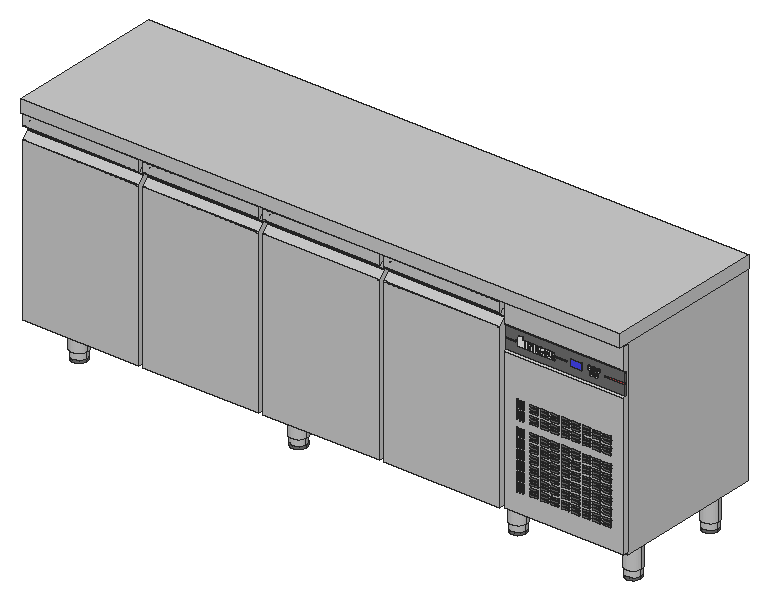
Revit family "QF_INOMAK_PMRP9999_250528093421", category Specialty Equipment, Revit 2021 (continued)
Definition of nested family "QF_INOMAK_REF_COUNTERS_DOORS_DRAWERS_16690"
  Definition of nested family "Sliding_Doors"
    Automatic sketch dimensions
      Extrusion 1 sketch curve to Extrusion 1 sketch curve = 20 mm
      Extrusion 1 sketch curve to Extrusion 1 sketch curve = 3 mm
      curve 8 to plane 7 "Front legs" = 0 mm
      curve 5 to curve 6 = 20 mm
      plane 7 "Front legs" to curve 2 = 21 mm
      curve 2 to curve 2 = 20 mm
  Definition of nested family "4_Drawers_1-4"
    Parameters (values of type "4 Drawers 1-4")
      URL = "www.specifiglobal.com"
      Top inset [instance] = 4 mm
      Right panel thickness [instance] = 35 mm
      Rear inset [instance] = 10 mm
      Plinth height [instance] = 150 mm
      Model = ""
      Manufacturer = "DEMO CONSULTANT"
      Length Actual [instance] = 1200 mm
      Left panel thickness [instance] = 35 mm
      Height Actual [instance] = 900 mm
      Front inset [instance] = 10 mm
      Finish [instance] = none
      Doors drawers type [instance] = 7
      Description = ""
      Depth Actual [instance] = 700 mm
      Default Elevation = 0 mm
      Bottom inset [instance] = 4 mm
      Assembly Code = "E1090320"
      4 Drawers [instance] = Doors drawers type = 7  # yes
    Reference planes
      plane 1 "Back": y = 0
      plane 2: z = 0
      plane 3 "Left": x = 0
      plane 4 "Right": x = 1200
      plane 5 "Front": y = -700
      plane 6 "Top": z = 1050
      plane 7 "Front legs": y = -690
      plane 8 "Legs top": z = 150
      plane 9 "Backsplash thickness": y = -10
      plane 10 "Left panel": x = 35
      plane 11 "Right panel": x = 1165
      plane 12: z = 824.25
      plane 13: z = 1046
      plane 14: z = 826.083
      plane 15: z = 822.417
      plane 16: z = 1048.5
      plane 17: z = 375.75
      plane 18: z = 377.917
      plane 19: z = 373.583
      plane 20: z = 154
      plane 21: z = 151.5
      plane 22: z = 600
      plane 23: z = 601.833
      plane 24: z = 598.167
    Forms (mm)
      Extrusion 1, solid, material <- "Finish", visible <- "4 Drawers"
        sketch origin (35, 0, -1) x (0, -1, 0) y (0, 0, 1)
          loop
            line (680, 1047) -> (670, 1047) -> (670, 827.083) -> (690, 827.083) -> (690, 990.844)
            arc (690, 990.844) -> (689.115, 996.728) -> (686.539, 1002.09) r 20
            line (686.539, 1002.09) -> (673, 1022) -> (673, 1044) -> (680, 1044)
            arc (680, 1044) -> (684.95, 1041.95) -> (687, 1037) r 7
            line (687, 1037) -> (687, 1031.988) -> (690, 1031.988) -> (690, 1037)
            arc (690, 1037) -> (687.071, 1044.071) -> (680, 1047) r 10
        from 0 to -1130
      Extrusion 2, solid, visible <- "4 Drawers", detail levels coarse
        sketch origin (0, -640.463, 826.083) x (0, 1, 0) y (-1, 0, 0)
          loop
            line (-49.537, -35) -> (-624.537, -35) -> (-624.537, -1165) -> (-49.537, -1165) -> (-49.537, -35)
        from 0 to 219.917
      Extrusion 3, solid, visible <- "4 Drawers", detail levels coarse
        sketch origin (0, -700, 154) x (-1, 0, 0) y (0, 1, 0)
          loop
            line (-35, 10) -> (-1165, 10) -> (-1165, -565) -> (-35, -565) -> (-35, 10)
        from 0 to -219.583
      Extrusion 4, solid, material <- "Finish", visible <- "4 Drawers"
        sketch origin (35, 0, -440.333) x (0, -1, 0) y (0, 0, 1)
          loop
            line (680, 813.917) -> (670, 813.917) -> (670, 594.333) -> (690, 594.333) -> (690, 757.761)
            arc (690, 757.761) -> (689.115, 763.644) -> (686.539, 769.007) r 20
            line (686.539, 769.007) -> (673, 788.917) -> (673, 810.917) -> (680, 810.917)
            arc (680, 810.917) -> (684.95, 808.866) -> (687, 803.917) r 7
            line (687, 803.917) -> (687, 798.904) -> (690, 798.904) -> (690, 803.917)
            arc (690, 803.917) -> (687.071, 810.988) -> (680, 813.917) r 10
        from 0 to -1130
      Extrusion 5, solid, material <- "Finish", visible <- "4 Drawers"
        sketch origin (35, 0, -165.333) x (0, -1, 0) y (0, 0, 1)
          loop
            line (680, 987.75) -> (670, 987.75) -> (670, 767.167) -> (690, 767.167) -> (690, 931.594)
            arc (690, 931.594) -> (689.115, 937.478) -> (686.539, 942.84) r 20
            line (686.539, 942.84) -> (673, 962.75) -> (673, 984.75) -> (680, 984.75)
            arc (680, 984.75) -> (684.95, 982.7) -> (687, 977.75) r 7
            line (687, 977.75) -> (687, 972.738) -> (690, 972.738) -> (690, 977.75)
            arc (690, 977.75) -> (687.071, 984.821) -> (680, 987.75) r 10
        from 0 to -1130
      Extrusion 6, solid, material <- "Finish", visible <- "4 Drawers"
        sketch origin (35, 0, -330.333) x (0, -1, 0) y (0, 0, 1)
          loop
            line (680, 928.5) -> (670, 928.5) -> (670, 708.25) -> (690, 708.25) -> (690, 872.344)
            arc (690, 872.344) -> (689.115, 878.228) -> (686.539, 883.59) r 20
            line (686.539, 883.59) -> (673, 903.5) -> (673, 925.5) -> (680, 925.5)
            arc (680, 925.5) -> (684.95, 923.45) -> (687, 918.5) r 7
            line (687, 918.5) -> (687, 913.488) -> (690, 913.488) -> (690, 918.5)
            arc (690, 918.5) -> (687.071, 925.571) -> (680, 928.5) r 10
        from 0 to -1130
      Extrusion 7, solid, visible <- "4 Drawers", detail levels coarse
        sketch origin (0, -500.463, 601.833) x (0, 1, 0) y (-1, 0, 0)
          loop
            line (-189.537, -35) -> (-764.537, -35) -> (-764.537, -1165) -> (-189.537, -1165) -> (-189.537, -35)
        from 0 to 220.583
      Extrusion 8, solid, visible <- "4 Drawers", detail levels coarse
        sketch origin (0, -540.463, 377.917) x (0, 1, 0) y (-1, 0, 0)
          loop
            line (-149.537, -35) -> (-724.537, -35) -> (-724.537, -1165) -> (-149.537, -1165) -> (-149.537, -35)
        from 0 to 220.25
    Lines and regions (mm)
      symbolic lines, visible <- "4 Drawers"
        curve 1: line (35, -945, 900) -> (35, -985, 900)
        curve 2: line (35, -985, 900) -> (1165, -985, 900)
        curve 3: line (1165, -985, 900) -> (1165, -945, 900)
        curve 4: line (1165, -945, 900) -> (35, -945, 900)
        curve 5: line (1135, -945, 900) -> (1135, -845, 900)
        curve 6: line (65, -945, 900) -> (65, -845, 900)
        curve 7: line (35, -1085, 900) -> (35, -1125, 900)
        curve 8: line (35, -1125, 900) -> (1165, -1125, 900)
        curve 9: line (1165, -1125, 900) -> (1165, -1085, 900)
        curve 10: line (1165, -1085, 900) -> (35, -1085, 900)
        curve 11: line (1135, -1085, 900) -> (1135, -985, 900)
        curve 12: line (65, -1085, 900) -> (65, -985, 900)
        curve 13: line (35, -1225, 900) -> (35, -1265, 900)
        curve 14: line (35, -1265, 900) -> (1165, -1265, 900)
        curve 15: line (1165, -1265, 900) -> (1165, -1225, 900)
        curve 16: line (1165, -1225, 900) -> (35, -1225, 900)
        curve 17: line (1135, -1225, 900) -> (1135, -1125, 900)
        curve 18: line (65, -1225, 900) -> (65, -1125, 900)
        curve 19: line (35, -805, 900) -> (35, -845, 900)
        curve 20: line (35, -845, 900) -> (1165, -845, 900)
        curve 21: line (1165, -845, 900) -> (1165, -805, 900)
        curve 22: line (1165, -805, 900) -> (35, -805, 900)
        curve 23: line (65, -805, 900) -> (65, -700, 900)
        curve 24: line (1135, -805, 900) -> (1135, -700, 900)
    Dimensions and locks
      "Length Actual": plane 3 "Left" to plane 4 "Right"
      "Depth Actual": plane 5 "Front" to plane 1 "Back"
      "Height Actual": plane 6 "Top" to plane 8 "Legs top"
      "Front inset": plane 7 "Front legs" to plane 5 "Front"
      "Plinth height": plane 8 "Legs top" to plane 2
      "Rear inset": plane 9 "Backsplash thickness" to plane 1 "Back"
      "Right panel thickness": plane 11 "Right panel" to plane 4 "Right"
      "Left panel thickness": plane 3 "Left" to plane 10 "Left panel"
      locked: plane 14 to plane 15 at 3.667
      equal spacing: plane 14, plane 12, plane 15
      locked: plane 23 to plane 24 at 3.667
      equal spacing: plane 23, plane 22, plane 24
      "Bottom inset": plane 20 to plane 8 "Legs top"
      equal spacing: plane 19, plane 17, plane 18
      locked: plane 19 to plane 18 at 4.333
      equal spacing: plane 21, plane 17, plane 22, plane 12, plane 16
      locked: plane 13 to plane 16 at 2.5
      "Top inset": plane 13 to plane 6 "Top"
      locked: plane 21 to plane 20 at 2.5
      aligned and locked: level to plane 2
      aligned and locked: plane 7 "Front legs" to Extrusion 1 sketch curve  (x2)
      aligned and locked: Extrusion 1 to plane 11 "Right panel"
      aligned and locked: Extrusion 1 sketch curve to plane 13
      aligned and locked: Extrusion 1 sketch curve to plane 14
      aligned and locked: plane 10 "Left panel" to curve 1
      aligned and locked: plane 10 "Left panel" to curve 7
      aligned and locked: plane 10 "Left panel" to curve 13
      aligned and locked: Extrusion 2 sketch curve to plane 10 "Left panel"
      aligned and locked: plane 11 "Right panel" to Extrusion 2 sketch curve
      aligned and locked: Extrusion 3 sketch curve to plane 10 "Left panel"
      aligned and locked: plane 11 "Right panel" to Extrusion 3 sketch curve
      aligned and locked: Extrusion 2 to plane 13
      aligned and locked: Extrusion 3 to plane 19
      aligned and locked: plane 20 to Extrusion 4 sketch curve
      aligned and locked: Extrusion 4 to plane 11 "Right panel"
      aligned and locked: Extrusion 5 sketch curve to plane 15
      aligned and locked: plane 7 "Front legs" to Extrusion 5 sketch curve
      aligned and locked: Extrusion 5 sketch curve to plane 23
      aligned and locked: Extrusion 6 sketch curve to plane 24
      aligned and locked: plane 7 "Front legs" to Extrusion 6 sketch curve
      aligned and locked: Extrusion 6 sketch curve to plane 18
      aligned and locked: Extrusion 7 to plane 15
      aligned and locked: Extrusion 8 to plane 24
      aligned and locked: Extrusion 5 to plane 11 "Right panel"
      aligned and locked: Extrusion 6 to plane 11 "Right panel"
    Automatic sketch dimensions
      Extrusion 1 sketch curve to Extrusion 1 sketch curve = 0 mm  (x2)
      plane 7 "Front legs" to Extrusion 1 sketch curve = 3 mm
      plane 7 "Front legs" to Extrusion 1 sketch curve = 3.461 mm
      plane 7 "Front legs" to Extrusion 1 sketch curve = 10 mm
      Extrusion 1 sketch curve to Extrusion 1 sketch curve = 7 mm
      plane 7 "Front legs" to Extrusion 1 sketch curve = 20 mm  (x2)
      Extrusion 1 sketch curve to Extrusion 1 sketch curve = 46.156 mm
      Extrusion 1 sketch curve to Extrusion 1 sketch curve = 15 mm
      Extrusion 1 sketch curve to Extrusion 1 sketch curve = 5.012 mm
      Extrusion 2 sketch curve to plane 7 "Front legs" = 0 mm
      Extrusion 2 sketch curve to plane 5 "Front" = 565 mm
      Extrusion 3 sketch curve to plane 7 "Front legs" = 0 mm
      Extrusion 3 sketch curve to plane 5 "Front" = 565 mm
      Extrusion 5 sketch curve to Extrusion 5 sketch curve = 0 mm  (x2)
      Extrusion 5 sketch curve to plane 7 "Front legs" = 0 mm
      plane 7 "Front legs" to Extrusion 5 sketch curve = 3 mm
      plane 7 "Front legs" to Extrusion 5 sketch curve = 3.461 mm
      plane 7 "Front legs" to Extrusion 5 sketch curve = 10 mm
      Extrusion 5 sketch curve to Extrusion 5 sketch curve = 7 mm
      plane 7 "Front legs" to Extrusion 5 sketch curve = 20 mm  (x2)
      Extrusion 5 sketch curve to Extrusion 5 sketch curve = 46.156 mm
      Extrusion 5 sketch curve to Extrusion 5 sketch curve = 15 mm
      Extrusion 5 sketch curve to Extrusion 5 sketch curve = 5.012 mm
      Extrusion 6 sketch curve to Extrusion 6 sketch curve = 0 mm  (x2)
      Extrusion 6 sketch curve to plane 7 "Front legs" = 0 mm
      plane 7 "Front legs" to Extrusion 6 sketch curve = 3 mm
      plane 7 "Front legs" to Extrusion 6 sketch curve = 3.461 mm
      plane 7 "Front legs" to Extrusion 6 sketch curve = 10 mm
      Extrusion 6 sketch curve to Extrusion 6 sketch curve = 7 mm
      plane 7 "Front legs" to Extrusion 6 sketch curve = 20 mm  (x2)
      Extrusion 6 sketch curve to Extrusion 6 sketch curve = 46.156 mm
      Extrusion 6 sketch curve to Extrusion 6 sketch curve = 15 mm
      Extrusion 6 sketch curve to Extrusion 6 sketch curve = 5.012 mm
      curve 14 to plane 11 "Right panel" = 0 mm
      curve 8 to plane 11 "Right panel" = 0 mm
      curve 2 to plane 11 "Right panel" = 0 mm
      curve 21 to plane 11 "Right panel" = 0 mm
      curve 20 to plane 10 "Left panel" = 0 mm
      curve 23 to plane 5 "Front" = 0 mm
      curve 24 to plane 5 "Front" = 0 mm
      curve 21 to plane 5 "Front" = 105 mm
      curve 20 to curve 21 = 40 mm
      curve 3 to curve 20 = 100 mm
      curve 3 to curve 3 = 40 mm
      curve 10 to curve 1 = 100 mm
      curve 9 to curve 9 = 40 mm
      curve 15 to curve 8 = 100 mm
      curve 15 to curve 15 = 40 mm
      plane 11 "Right panel" to curve 24 = 30 mm
      curve 8 to curve 17 = 30 mm
      curve 11 to curve 17 = 0 mm
      curve 23 to plane 10 "Left panel" = 30 mm
      curve 12 to curve 6 = 0 mm
      curve 18 to curve 12 = 0 mm
      Extrusion 4 sketch curve to Extrusion 4 sketch curve = 0 mm  (x2)
      plane 19 to Extrusion 4 sketch curve = 0 mm
      Extrusion 4 sketch curve to plane 7 "Front legs" = 0 mm  (x2)
      plane 7 "Front legs" to Extrusion 4 sketch curve = 3 mm
      plane 7 "Front legs" to Extrusion 4 sketch curve = 3.461 mm
      plane 7 "Front legs" to Extrusion 4 sketch curve = 10 mm
      Extrusion 4 sketch curve to Extrusion 4 sketch curve = 7 mm
      plane 7 "Front legs" to Extrusion 4 sketch curve = 20 mm  (x2)
      Extrusion 4 sketch curve to Extrusion 4 sketch curve = 46.156 mm
      Extrusion 4 sketch curve to Extrusion 4 sketch curve = 15 mm
      Extrusion 4 sketch curve to Extrusion 4 sketch curve = 5.012 mm
      Extrusion 7 sketch curve to plane 10 "Left panel" = 0 mm
      Extrusion 7 sketch curve to plane 11 "Right panel" = 0 mm
      Extrusion 7 sketch curve to plane 7 "Front legs" = 0 mm
      Extrusion 7 sketch curve to plane 5 "Front" = 565 mm
      Extrusion 8 sketch curve to plane 10 "Left panel" = 0 mm
      Extrusion 8 sketch curve to plane 11 "Right panel" = 0 mm
      Extrusion 8 sketch curve to plane 7 "Front legs" = 0 mm
      Extrusion 8 sketch curve to plane 5 "Front" = 565 mm
      curve 6 to plane 10 "Left panel" = 30 mm
      curve 5 to curve 24 = 0 mm
  Definition of nested family "Hinged_Doors"
    Parameters (values of type "Hinged doors")
      URL = "www.specifiglobal.com"
      Top inset [instance] = 4 mm
      Right panel thickness [instance] = 35 mm
      Rear inset [instance] = 10 mm
      Plinth height [instance] = 150 mm
      Model = ""
      Manufacturer = "DEMO CONSULTANT"
      Length Actual [instance] = 1200 mm
      Left panel thickness [instance] = 35 mm
      Hinged doors [instance] = Doors drawers type = 3  # yes
      Height Actual [instance] = 900 mm
      Front inset [instance] = 10 mm
      Finish [instance] = none
      Doors drawers type [instance] = 3
      Description = ""
      Depth Actual [instance] = 700 mm
      Default Elevation = 0 mm
      Bottom inset [instance] = 4 mm
      Assembly Code = "E1090320"
    Reference planes
      plane 1 "Back": y = 0
      plane 2: z = 0
      plane 3 "Left": x = 0
      plane 4 "Right": x = 1200
      plane 5 "Front": y = -700
      plane 6 "Top": z = 1050
      plane 7 "Front legs": y = -690
      plane 8 "Legs top": z = 150
      plane 9 "Backsplash thickness": y = -10
      plane 10: x = 35
      plane 11: x = 1165
      plane 12 "Center Left-Right": x = 600
      plane 13: x = 597.5
      plane 14: x = 602.5
      plane 15: z = 154
      plane 16: z = 1046
    Forms (mm)
      Extrusion 1, solid, material <- "Finish", visible <- "Hinged doors"
        sketch origin (35, -2307.849, 4000) x (0, -1, 0) y (0, 0, 1)
          loop
            line (-1627.849, -2954) -> (-1637.849, -2954) -> (-1637.849, -3846) -> (-1617.849, -3846) -> (-1617.849, -3010.156)
            arc (-1617.849, -3010.156) -> (-1618.734, -3004.272) -> (-1621.31, -2998.91) r 20
            line (-1621.31, -2998.91) -> (-1634.849, -2979) -> (-1634.849, -2957) -> (-1627.849, -2957)
            arc (-1627.849, -2957) -> (-1622.899, -2959.05) -> (-1620.849, -2964) r 7
            line (-1620.849, -2964) -> (-1620.849, -2969.012) -> (-1617.849, -2969.012) -> (-1617.849, -2964)
            arc (-1617.849, -2964) -> (-1620.778, -2956.929) -> (-1627.849, -2954) r 10
        from 0 to -562.5
      Extrusion 2, solid, visible <- "Hinged doors", detail levels coarse
        sketch origin (0, -700, 154) x (-1, 0, 0) y (0, 1, 0)
          loop
            line (-35, 10) -> (-597.5, 10)
            arc (-597.5, 10) -> (-432.748, -387.748) -> (-35, -552.5) r 562.5
            line (-35, -552.5) -> (-35, 10)
        from 0 to -892
      Extrusion 3, solid, material <- "Finish", visible <- "Hinged doors"
        sketch origin (1165, -2312.576, 4000) x (0, -1, 0) y (0, 0, 1)
          loop
            line (-1632.576, -2954) -> (-1642.576, -2954) -> (-1642.576, -3846) -> (-1622.576, -3846) -> (-1622.576, -3010.156)
            arc (-1622.576, -3010.156) -> (-1623.46, -3004.272) -> (-1626.037, -2998.91) r 20
            line (-1626.037, -2998.91) -> (-1639.576, -2979) -> (-1639.576, -2957) -> (-1632.576, -2957)
            arc (-1632.576, -2957) -> (-1627.626, -2959.05) -> (-1625.576, -2964) r 7
            line (-1625.576, -2964) -> (-1625.576, -2969.012) -> (-1622.576, -2969.012) -> (-1622.576, -2964)
            arc (-1622.576, -2964) -> (-1625.504, -2956.929) -> (-1632.576, -2954) r 10
        from 0 to 562.5
      Extrusion 4, solid, visible <- "Hinged doors", detail levels coarse
        sketch origin (0, -700, 154) x (-1, 0, 0) y (0, 1, 0)
          loop
            line (-1165, 10) -> (-1165, -552.5)
            arc (-1165, -552.5) -> (-767.252, -387.748) -> (-602.5, 10) r 562.5
            line (-602.5, 10) -> (-1165, 10)
        from 0 to -892
    Lines and regions (mm)
      symbolic lines, visible <- "Hinged doors"
        curve 1: line (35, -700, 150) -> (35, -1252.5, 150)
        curve 2: arc (35, -1252.5, 150) -> (429.196, -1091.268, 150) -> (597.411, -700, 150) r 562.5
        curve 3: arc (602.589, -700, 150) -> (770.804, -1091.268, 150) -> (1165, -1252.5, 150) r 562.5
        curve 4: line (1165, -1252.5, 150) -> (1165, -700, 150)
    Dimensions and locks
      "Length Actual": plane 3 "Left" to plane 4 "Right"
      "Depth Actual": plane 5 "Front" to plane 1 "Back"
      "Height Actual": plane 6 "Top" to plane 8 "Legs top"
      "Front inset": plane 7 "Front legs" to plane 5 "Front"
      "Plinth height": plane 8 "Legs top" to plane 2
      "Rear inset": plane 9 "Backsplash thickness" to plane 1 "Back"
      "Right panel thickness": plane 11 to plane 4 "Right"
      "Left panel thickness": plane 3 "Left" to plane 10
      equal spacing: plane 10, plane 12 "Center Left-Right", plane 11
      plane 13 to plane 12 "Center Left-Right" = 2.5 mm
      plane 12 "Center Left-Right" to plane 14 = 2.5 mm
      "Bottom inset": plane 15 to plane 8 "Legs top"
      "Top inset": plane 16 to plane 6 "Top"
      aligned and locked: level to plane 2
      aligned and locked: Extrusion 1 to plane 13
      aligned and locked: plane 10 to Extrusion 2 sketch curve
      aligned and locked: plane 13 to Extrusion 2 sketch curve
      aligned and locked: plane 7 "Front legs" to Extrusion 2 sketch curve  (x2)
      aligned and locked: plane 14 to Extrusion 3
      aligned and locked: Extrusion 2 to curve 1
      aligned and locked: curve 2 to Extrusion 2
      aligned and locked: curve 3 to Extrusion 4
      aligned and locked: curve 4 to Extrusion 4
      aligned and locked: plane 5 "Front" to curve 1
      aligned and locked: plane 5 "Front" to curve 2
      aligned and locked: plane 5 "Front" to curve 3
      aligned and locked: plane 5 "Front" to curve 4
      aligned and locked: Extrusion 4 to plane 16
      aligned and locked: Extrusion 2 to plane 16
      aligned and locked: Extrusion 1 sketch curve to plane 16
      aligned and locked: Extrusion 1 sketch curve to plane 15
      aligned and locked: Extrusion 3 sketch curve to plane 15
      aligned and locked: Extrusion 3 sketch curve to plane 16
    Automatic sketch dimensions
      Extrusion 1 sketch curve to Extrusion 1 sketch curve = 0 mm  (x2)
      Extrusion 1 sketch curve to plane 7 "Front legs" = 0 mm  (x2)
      plane 7 "Front legs" to Extrusion 1 sketch curve = 3 mm
      plane 7 "Front legs" to Extrusion 1 sketch curve = 3.461 mm
      plane 7 "Front legs" to Extrusion 1 sketch curve = 10 mm
      Extrusion 1 sketch curve to Extrusion 1 sketch curve = 7 mm
      plane 7 "Front legs" to Extrusion 1 sketch curve = 20 mm  (x2)
      Extrusion 1 sketch curve to Extrusion 1 sketch curve = 46.156 mm
      Extrusion 1 sketch curve to Extrusion 1 sketch curve = 15 mm
      Extrusion 1 sketch curve to Extrusion 1 sketch curve = 5.012 mm
      Extrusion 3 sketch curve to Extrusion 3 sketch curve = 0 mm  (x2)
      Extrusion 3 sketch curve to plane 7 "Front legs" = 0 mm  (x2)
      Extrusion 3 sketch curve to Extrusion 3 sketch curve = 3 mm
      plane 7 "Front legs" to Extrusion 3 sketch curve = 3.461 mm
      plane 7 "Front legs" to Extrusion 3 sketch curve = 10 mm
      Extrusion 3 sketch curve to Extrusion 3 sketch curve = 7 mm
      Extrusion 3 sketch curve to Extrusion 3 sketch curve = 16.539 mm
      Extrusion 3 sketch curve to Extrusion 3 sketch curve = 20 mm
      Extrusion 3 sketch curve to Extrusion 3 sketch curve = 46.156 mm
      Extrusion 3 sketch curve to Extrusion 3 sketch curve = 15 mm
      Extrusion 3 sketch curve to Extrusion 3 sketch curve = 5.012 mm
      Extrusion 4 sketch curve to plane 11 = 0 mm
      Extrusion 4 sketch curve to plane 7 "Front legs" = 0 mm
      Extrusion 4 sketch curve to plane 14 = 0 mm
  Definition of nested family "Hopper"
    Parameters (values of type "Hopper")
      URL = "www.specifiglobal.com"
      Top inset [instance] = 4 mm
      Right panel thickness [instance] = 35 mm
      Rear inset [instance] = 10 mm
      Plinth height [instance] = 150 mm
      Model = ""
      Manufacturer = "DEMO CONSULTANT"
      Length Actual [instance] = 700 mm
      Left panel thickness [instance] = 35 mm
      Hopper [instance] = Doors drawers type = 10  # yes
      Height Actual [instance] = 900 mm
      Front inset [instance] = 10 mm
      Finish [instance] = none
      Doors drawers type [instance] = 10
      Description = ""
      Depth Actual [instance] = 700 mm
      Default Elevation = 0 mm
      Bottom inset [instance] = 4 mm
      Assembly Code = "E1090320"
      2 Drawers = yes
    Reference planes
      plane 1 "Back": y = 0
      plane 2: z = 0
      plane 3 "Left": x = 0
      plane 4 "Right": x = 700
      plane 5 "Front": y = -700
      plane 6 "Top": z = 1050
      plane 7 "Front legs": y = -690
      plane 8 "Legs top": z = 150
      plane 9 "Backsplash thickness": y = -10
      plane 10 "Left panel": x = 35
      plane 11 "Right panel": x = 665
      plane 12: z = 1046
      plane 13: z = 154
    Forms (mm)
      Extrusion 1, solid, material <- "Finish", visible <- "Hopper"
        sketch origin (35, 0, 0) x (0, -1, 0) y (0, 0, 1)
          loop
            line (690, 154) -> (690, 960.365)
            arc (690, 960.365) -> (689.866, 961.037) -> (689.485, 961.607) r 1.757
            line (689.485, 961.607) -> (666.663, 984.429)
            arc (666.663, 984.429) -> (665.976, 985.458) -> (665.734, 986.672) r 3.172
            line (665.734, 986.672) -> (665.734, 1013.576)
            arc (665.734, 1013.576) -> (666.433, 1015.262) -> (668.119, 1015.961) r 2.385
            line (668.119, 1015.961) -> (680.029, 1015.961) -> (686.544, 1006.657)
            arc (686.544, 1006.657) -> (688.671, 1005.935) -> (690, 1007.747) r 1.9
            line (690, 1007.747) -> (690, 1046) -> (648, 1046) -> (648, 154) -> (690, 154)
        from 0 to -630
      Extrusion 2, solid, visible <- "Hopper", detail levels coarse
        sketch origin (35, 0, 0) x (0, -1, 0) y (0, 0, 1)
          loop
            line (690, 154) -> (1265, 154) -> (1265, 1046) -> (690, 1046) -> (690, 154)
        from 0 to -630
    Lines and regions (mm)
      symbolic lines, visible <- "Hopper"
        curve 1: line (35, -1225, 900) -> (35, -1265, 900)
        curve 2: line (35, -1265, 900) -> (665, -1265, 900)
        curve 3: line (665, -1265, 900) -> (665, -1225, 900)
        curve 4: line (665, -1225, 900) -> (35, -1225, 900)
        curve 5: line (635, -1225, 900) -> (635, -700, 900)
        curve 6: line (65, -1225, 900) -> (65, -700, 900)
    Dimensions and locks
      "Length Actual": plane 3 "Left" to plane 4 "Right"
      "Depth Actual": plane 5 "Front" to plane 1 "Back"
      "Height Actual": plane 6 "Top" to plane 8 "Legs top"
      "Front inset": plane 7 "Front legs" to plane 5 "Front"
      "Plinth height": plane 8 "Legs top" to plane 2
      "Rear inset": plane 9 "Backsplash thickness" to plane 1 "Back"
      "Right panel thickness": plane 11 "Right panel" to plane 4 "Right"
      "Left panel thickness": plane 3 "Left" to plane 10 "Left panel"
      "Top inset": plane 12 to plane 6 "Top"
      "Bottom inset": plane 13 to plane 8 "Legs top"
      aligned and locked: level to plane 2
      aligned and locked: Extrusion 1 to plane 11 "Right panel"
      aligned and locked: Extrusion 2 to plane 11 "Right panel"
      aligned and locked: plane 10 "Left panel" to Extrusion 2
      aligned and locked: Extrusion 1 sketch curve to plane 12
      aligned and locked: Extrusion 1 sketch curve to Extrusion 2
      aligned and locked: Extrusion 1 sketch curve to plane 13
    Automatic sketch dimensions
      Extrusion 1 sketch curve to Extrusion 1 sketch curve = 17.734 mm
      Extrusion 1 sketch curve to Extrusion 1 sketch curve = 0.929 mm
      Extrusion 1 sketch curve to Extrusion 1 sketch curve = 2.385 mm
      Extrusion 1 sketch curve to Extrusion 1 sketch curve = 3.172 mm
      Extrusion 1 sketch curve to Extrusion 1 sketch curve = 11.91 mm
      Extrusion 1 sketch curve to Extrusion 1 sketch curve = 6.515 mm
      Extrusion 1 sketch curve to Extrusion 1 sketch curve = 1.556 mm
      Extrusion 1 sketch curve to Extrusion 1 sketch curve = 21.58 mm
      Extrusion 1 sketch curve to Extrusion 1 sketch curve = 1.242 mm
      Extrusion 1 sketch curve to Extrusion 1 sketch curve = 1.9 mm
      Extrusion 1 sketch curve to Extrusion 1 sketch curve = 0.515 mm
      Extrusion 1 sketch curve to Extrusion 1 sketch curve = 22.822 mm
      Extrusion 1 sketch curve to Extrusion 1 sketch curve = 19.985 mm
      Extrusion 1 sketch curve to Extrusion 1 sketch curve = 6.919 mm
      Extrusion 1 sketch curve to Extrusion 1 sketch curve = 30.039 mm
      Extrusion 2 sketch curve to plane 7 "Front legs" = 0 mm
      plane 13 to Extrusion 2 sketch curve = 0 mm
      plane 12 to Extrusion 2 sketch curve = 0 mm
      Extrusion 2 sketch curve to plane 5 "Front" = 565 mm
      curve 1 to plane 10 "Left panel" = 0 mm
      curve 2 to plane 11 "Right panel" = 0 mm
      curve 6 to plane 5 "Front" = 0 mm
      curve 5 to plane 5 "Front" = 0 mm
      curve 4 to plane 5 "Front" = 525 mm
      curve 3 to curve 3 = 40 mm
      plane 11 "Right panel" to curve 5 = 30 mm
      curve 6 to plane 10 "Left panel" = 30 mm
Definition of nested family "QF_INOMAK_REF_COUNTERS_DOORS_DRAWERS_26161"
  Parameters (values of type "DR-LX-710")
    Weight [instance] = 0.00 kg
    Warranty Start Date [instance] = ""
    Warranty Duration [instance] = ""
    URL Cutsheet [instance] = ""
    URL = "www.inomak.com"
    Top inset [instance] = 10 mm
    Technical Documentation [instance] = ""
    Tag Number [instance] = ""
    Status [instance] = ""
    Specification by User [instance] = ""
    Specification by Manufacturer [instance] = ""
    Sound Level [instance] = ""
    Solid Fuel Type [instance] = ""
    Show Logo [instance] = yes
    Show Clearances [instance] = yes
    Service Life Duration [instance] = ""
    Serial Number [instance] = ""
    Seismic Rating [instance] = ""
    SMACNA No [instance] = ""
    Right panel thickness [instance] = 0 mm
    Revision Code [instance] = ""
    Revision [instance] = ""
    Rear inset [instance] = 0 mm
    Production Year [instance] = ""
    Point Load [instance] = 0
    Plinth height [instance] = 0 mm
    Other Equipment Approvals [instance] = ""
    NAFEM Spec ID Number [instance] = ""
    Model Warning [instance] = ""
    Model = "DR-LX-710"
    Masterspec [instance] = ""
    Manufacturer = "INOMAK"
    Length Actual [instance] = 435 mm
    Left panel thickness [instance] = 0 mm
    Item Number [instance] = ""
    Installed By [instance] = ""
    Installation Date [instance] = ""
    Identify Quantity as Lot [instance] = yes
    ID [instance] = ""
    Hygiene Approval [instance] = ""
    Height Actual [instance] = 710 mm
    Furnished By [instance] = ""
    Front inset [instance] = 10 mm
    Foodservice Equipment Identifier [instance] = yes
    Finish [instance] = none
    ETL Approved [instance] = yes
    Doors drawers type [instance] = 8
    Description = "LEFT HINGED DOOR"
    Depth Actual [instance] = 700 mm
    Default Elevation = 0 mm
    CSI MasterFormat [instance] = ""
    CE Approved [instance] = yes
    Bottom inset [instance] = 10 mm
    Barcode [instance] = ""
    Author [instance] = ""
    Asset Identifier [instance] = ""
    Assembly Code = "E1090320"
    Accessory [instance] = yes
  Types (9, lengths in mm): name | Model | Height Actual | Doors drawers type | Description
    DW-2-710 | "DW-2-710" | 710 | 4 | "2 X GN 1/2 DRAWERS"
    DR-LX-710 | "DR-LX-710" | 710 | 8 | "LEFT HINGED DOOR"
    DR-RX-710 | "DR-RX-710" | 710 | 9 | "RIGHT HINGED DOOR"
    DW-3-710 | "DW-3-710" | 710 | 6 | "3 X GN 1/3 DRAWERS"
    DW-B-710 | "DW-B-710" | 710 | 5 | "1 X GN 1/3 & 1 X GN 2/3 DRAWERS"
    DW-2-483 | "DW-2-483" | 483 | 4 | "2 X GN 1/3 DRAWERS"
    DR-LX-483 | "DR-LX-483" | 483 | 8 | "LEFT HINGED DOOR"
    DR-RX-483 | "DR-RX-483" | 483 | 9 | "RIGHT HINGED DOOR"
    DW-1-483 | "DW-1-483" | 483 | 10 | "1 X GN 2/3 DRAWER"
  Reference planes
    plane 1 "Front": y = 0
    plane 2: z = 0
    plane 3 "Left": x = 0
    plane 4 "Right": x = 435
    plane 5 "Back": y = 700
    plane 6 "Top": z = 710
    plane 7 "Bottom shelf": z = 0
    plane 8: z = 700
    plane 9: z = 10
    plane 10: x = 0
    plane 11: x = 435
    plane 12 "Center Top Bottom": z = 355
  Lines and regions (mm)
    reference lines
      curve 1: line (0, 0, 355) -> (0, 25, 355)
      curve 2: line (435, 0, 355) -> (435, 25, 355)
      curve 3: line (0, 700, 355) -> (435, 700, 355)
      curve 4: line (0, 0, 355) -> (435, 0, 355)
  Dimensions and locks
    "Length Actual": plane 3 "Left" to plane 4 "Right"
    "Depth Actual": plane 1 "Front" to plane 5 "Back"
    "Height Actual": plane 6 "Top" to plane 7 "Bottom shelf"
    "Plinth height": plane 7 "Bottom shelf" to plane 2
    "Top inset": plane 6 "Top" to plane 8
    "Bottom inset": plane 9 to plane 7 "Bottom shelf"
    "Left panel thickness": plane 3 "Left" to plane 10
    "Right panel thickness": plane 11 to plane 4 "Right"
    equal spacing: plane 6 "Top", plane 12 "Center Top Bottom", plane 7 "Bottom shelf"
    "Length Actual": curve 1 to plane 4 "Right"
    "Length Actual": plane 3 "Left" to curve 2
    "Depth Actual": plane 1 "Front" to curve 3
    "Depth Actual": plane 5 "Back" to curve 4
    aligned and locked: level to plane 2
    aligned and locked: plane 3 "Left" to nested 1
    aligned and locked: plane 3 "Left" to nested 2
    aligned and locked: plane 3 "Left" to nested 3
    aligned and locked: plane 3 "Left" to nested 4
    aligned and locked: plane 3 "Left" to nested 5
    aligned and locked: plane 3 "Left" to nested 6
    aligned and locked: plane 3 "Left" to nested 7
    aligned and locked: plane 3 "Left" to nested 8
    aligned and locked: plane 3 "Left" to nested 9
    aligned and locked: nested 4 to plane 1 "Front"
    aligned and locked: nested 6 to plane 1 "Front"
    aligned and locked: nested 8 to plane 1 "Front"
    aligned and locked: nested 5 to plane 1 "Front"
    aligned and locked: nested 3 to plane 1 "Front"
    aligned and locked: nested 7 to plane 1 "Front"
    aligned and locked: nested 2 to plane 1 "Front"
    aligned and locked: nested 1 to plane 1 "Front"
    aligned and locked: nested 9 to plane 1 "Front"
  Automatic sketch dimensions
    curve 3 to plane 4 "Right" = 0 mm
    curve 3 to plane 3 "Left" = 0 mm
    curve 2 to curve 2 = 25 mm
    curve 1 to curve 1 = 25 mm
  Nested families
    nested 1: "Right_Door" at (0, 700, 0), Depth Actual <- "Depth Actual", Height Actual <- "Height Actual", Length Actual <- "Length Actual", Front inset <- "Front inset", Rear inset <- "Rear inset", Left panel thickness <- "Left panel thickness", Right panel thickness <- "Right panel thickness", Doors drawers type <- "Doors drawers type", Plinth height <- "Plinth height", Top inset <- "Top inset", Bottom inset <- "Bottom inset", type "Right door"
      with Top inset 10 mm, Right panel thickness 0 mm, Right hand hinged door no, Rear inset 0 mm, Plinth height 0 mm, Length Actual 435 mm, Left panel thickness 0 mm, Height Actual 710 mm, Front inset 10 mm, Doors drawers type 8, Depth Actual 700 mm, Bottom inset 10 mm
    nested 2: "Left_Door" at (0, 700, 0), Depth Actual <- "Depth Actual", Height Actual <- "Height Actual", Length Actual <- "Length Actual", Front inset <- "Front inset", Rear inset <- "Rear inset", Left panel thickness <- "Left panel thickness", Right panel thickness <- "Right panel thickness", Doors drawers type <- "Doors drawers type", Plinth height <- "Plinth height", Top inset <- "Top inset", Bottom inset <- "Bottom inset", type "Left door"
      with Top inset 10 mm, Right panel thickness 0 mm, Rear inset 0 mm, Plinth height 0 mm, Length Actual 435 mm, Left panel thickness 0 mm, Left hand hinged door yes, Height Actual 710 mm, Front inset 10 mm, Doors drawers type 8, Depth Actual 700 mm, Bottom inset 10 mm
    nested 3: "3_Drawers_1-3" at (0, 700, 0), Depth Actual <- "Depth Actual", Height Actual <- "Height Actual", Length Actual <- "Length Actual", Front inset <- "Front inset", Rear inset <- "Rear inset", Left panel thickness <- "Left panel thickness", Right panel thickness <- "Right panel thickness", Doors drawers type <- "Doors drawers type", Plinth height <- "Plinth height", Top inset <- "Top inset", Bottom inset <- "Bottom inset", type "3 Drawers 1-3"
      with Top inset 10 mm, Right panel thickness 0 mm, Rear inset 0 mm, Plinth height 0 mm, Length Actual 435 mm, Left panel thickness 0 mm, Height Actual 710 mm, Front inset 10 mm, Doors drawers type 8, Depth Actual 700 mm, Bottom inset 10 mm, 3 Drawers no
    nested 4: "2_Drawers_1-2" at (0, 700, 0), Depth Actual <- "Depth Actual", Height Actual <- "Height Actual", Length Actual <- "Length Actual", Front inset <- "Front inset", Rear inset <- "Rear inset", Left panel thickness <- "Left panel thickness", Right panel thickness <- "Right panel thickness", Doors drawers type <- "Doors drawers type", Plinth height <- "Plinth height", Top inset <- "Top inset", Bottom inset <- "Bottom inset", type "2 Drawers 1-2"
      with Top inset 10 mm, Right panel thickness 0 mm, Rear inset 0 mm, Plinth height 0 mm, Length Actual 435 mm, Left panel thickness 0 mm, Height Actual 710 mm, Front inset 10 mm, Doors drawers type 8, Depth Actual 700 mm, Bottom inset 10 mm, 2 Drawers no
    nested 5: "2_Drawers_1-3_2-3" at (0, 700, 0), Depth Actual <- "Depth Actual", Height Actual <- "Height Actual", Length Actual <- "Length Actual", Front inset <- "Front inset", Rear inset <- "Rear inset", Left panel thickness <- "Left panel thickness", Right panel thickness <- "Right panel thickness", Doors drawers type <- "Doors drawers type", Plinth height <- "Plinth height", Top inset <- "Top inset", Bottom inset <- "Bottom inset", type "2 Drawers 1-3 and 2-3"
      with Top inset 10 mm, Right panel thickness 0 mm, Rear inset 0 mm, Plinth height 0 mm, Length Actual 435 mm, Left panel thickness 0 mm, Height Actual 710 mm, Front inset 10 mm, Doors drawers type 8, Depth Actual 700 mm, Bottom inset 10 mm, 2 Drawers 1-3 and 2-3 no
    nested 6: "Sliding_Doors" at (0, 700, 0), Depth Actual <- "Depth Actual", Height Actual <- "Height Actual", Length Actual <- "Length Actual", Front inset <- "Front inset", Rear inset <- "Rear inset", Left panel thickness <- "Left panel thickness", Right panel thickness <- "Right panel thickness", Doors drawers type <- "Doors drawers type", Plinth height <- "Plinth height", Top inset <- "Top inset", Bottom inset <- "Bottom inset", Finish <- "Finish", type "Sliding doors"
      with Top inset 10 mm, Sliding doors no, Right panel thickness 0 mm, Rear inset 0 mm, Plinth height 0 mm, Length Actual 435 mm, Left panel thickness 0 mm, Height Actual 710 mm, Front inset 10 mm, Finish none, Doors drawers type 8, Depth Actual 700 mm, Bottom inset 10 mm
    nested 7: "4_Drawers_1-4" at (0, 700, 0), Depth Actual <- "Depth Actual", Height Actual <- "Height Actual", Length Actual <- "Length Actual", Front inset <- "Front inset", Rear inset <- "Rear inset", Left panel thickness <- "Left panel thickness", Right panel thickness <- "Right panel thickness", Doors drawers type <- "Doors drawers type", Plinth height <- "Plinth height", Top inset <- "Top inset", Bottom inset <- "Bottom inset", Finish <- "Finish", type "4 Drawers 1-4"
      with Top inset 10 mm, Right panel thickness 0 mm, Rear inset 0 mm, Plinth height 0 mm, Length Actual 435 mm, Left panel thickness 0 mm, Height Actual 710 mm, Front inset 10 mm, Finish none, Doors drawers type 8, Depth Actual 700 mm, Bottom inset 10 mm, 4 Drawers no
    nested 8: "Hinged_Doors" at (0, 700, 0), Length Actual <- "Length Actual", Depth Actual <- "Depth Actual", Height Actual <- "Height Actual", Front inset <- "Front inset", Rear inset <- "Rear inset", Left panel thickness <- "Left panel thickness", Right panel thickness <- "Right panel thickness", Doors drawers type <- "Doors drawers type", Plinth height <- "Plinth height", Top inset <- "Top inset", Bottom inset <- "Bottom inset", Finish <- "Finish", type "Hinged doors"
      with Top inset 10 mm, Right panel thickness 0 mm, Rear inset 0 mm, Plinth height 0 mm, Length Actual 435 mm, Left panel thickness 0 mm, Hinged doors no, Height Actual 710 mm, Front inset 10 mm, Finish none, Doors drawers type 8, Depth Actual 700 mm, Bottom inset 10 mm
    nested 9: "Hopper" at (0, 700, 1.284), Length Actual <- "Length Actual", Depth Actual <- "Depth Actual", Height Actual <- "Height Actual", Front inset <- "Front inset", Rear inset <- "Rear inset", Left panel thickness <- "Left panel thickness", Right panel thickness <- "Right panel thickness", Doors drawers type <- "Doors drawers type", Plinth height <- "Plinth height", Top inset <- "Top inset", Bottom inset <- "Bottom inset", Finish <- "Finish", type "Hopper"
      with Top inset 10 mm, Right panel thickness 0 mm, Rear inset 0 mm, Plinth height 0 mm, Length Actual 435 mm, Left panel thickness 0 mm, Hopper no, Height Actual 710 mm, Front inset 10 mm, Finish none, Doors drawers type 8, Depth Actual 700 mm, Bottom inset 10 mm
  Definition of nested family "Left_Door"
    Parameters (values of type "Left door")
      URL = "www.specifiglobal.com"
      Top inset [instance] = 10 mm
      Right panel thickness [instance] = 0 mm
      Rear inset [instance] = 0 mm
      Plinth height [instance] = 150 mm
      Model = ""
      Manufacturer = "DEMO CONSULTANT"
      Length Actual [instance] = 700 mm
      Left panel thickness [instance] = 0 mm
      Left hand hinged door [instance] = Doors drawers type = 8  # yes
      Height Actual [instance] = 710 mm
      Front inset [instance] = 10 mm
      Finish = none
      Doors drawers type [instance] = 8
      Description = ""
      Depth Actual [instance] = 700 mm
      Default Elevation = 0 mm
      Bottom inset [instance] = 0 mm
      Assembly Code = "E1090320"
    Reference planes
      plane 1 "Back": y = 0
      plane 2: z = 0
      plane 3 "Left": x = 0
      plane 4 "Right": x = 700
      plane 5 "Front": y = -700
      plane 6 "Top": z = 860
      plane 7 "Front legs": y = -690
      plane 8 "Legs top": z = 150
      plane 9 "Backsplash thickness": y = 0
      plane 10 "Left panel": x = 0
      plane 11 "Right panel": x = 700
      plane 12: z = 850
      plane 13: z = 150
    Forms (mm)
      Extrusion 1, solid, material <- "Finish", visible <- "Left hand hinged door"
        sketch origin (0, 0, 0) x (0, -1, 0) y (0, 0, 1)
          loop
            line (690, 150) -> (690, 764.365)
            arc (690, 764.365) -> (689.866, 765.037) -> (689.485, 765.607) r 1.757
            line (689.485, 765.607) -> (666.663, 788.429)
            arc (666.663, 788.429) -> (665.976, 789.458) -> (665.734, 790.672) r 3.172
            line (665.734, 790.672) -> (665.734, 817.576)
            arc (665.734, 817.576) -> (666.433, 819.262) -> (668.119, 819.961) r 2.385
            line (668.119, 819.961) -> (680.029, 819.961) -> (686.544, 810.657)
            arc (686.544, 810.657) -> (688.671, 809.935) -> (690, 811.747) r 1.9
            line (690, 811.747) -> (690, 850) -> (648, 850) -> (648, 150) -> (690, 150)
        from 0 to -700
      Extrusion 2, solid, visible <- "Left hand hinged door", detail levels coarse
        sketch origin (0, -700, 150) x (-1, 0, 0) y (0, 1, 0)
          loop
            arc (-700, 10) -> (-495.871, -481.066) -> (0, -673.23) r 677.11
            line (0, -673.23) -> (0, 10) -> (-700, 10)
        from 0 to -700
    Lines and regions (mm)
      symbolic lines, visible <- "Left hand hinged door"
        curve 1: line (0, -700, 150) -> (0, -1373.247, 150)
        curve 2: arc (0, -1373.247, 150) -> (492.316, -1184.595, 150) -> (700, -700, 150) r 676.963
    Dimensions and locks
      "Length Actual": plane 3 "Left" to plane 4 "Right"
      "Depth Actual": plane 5 "Front" to plane 1 "Back"
      "Height Actual": plane 6 "Top" to plane 8 "Legs top"
      "Front inset": plane 7 "Front legs" to plane 5 "Front"
      "Plinth height": plane 8 "Legs top" to plane 2
      "Rear inset": plane 9 "Backsplash thickness" to plane 1 "Back"
      "Right panel thickness": plane 11 "Right panel" to plane 4 "Right"
      "Left panel thickness": plane 3 "Left" to plane 10 "Left panel"
      "Top inset": plane 6 "Top" to plane 12
      "Bottom inset": plane 13 to plane 8 "Legs top"
      aligned and locked: level to plane 2
      aligned and locked: Extrusion 1 to plane 11 "Right panel"
      aligned and locked: plane 10 "Left panel" to Extrusion 2 sketch curve
      aligned and locked: plane 11 "Right panel" to Extrusion 2 sketch curve
      aligned and locked: Extrusion 2 sketch curve to plane 10 "Left panel"
      aligned and locked: plane 7 "Front legs" to Extrusion 2 sketch curve
      aligned and locked: plane 7 "Front legs" to Extrusion 2
      aligned and locked: plane 10 "Left panel" to Extrusion 2
      aligned and locked: Extrusion 2 to plane 12
      aligned and locked: Extrusion 1 sketch curve to plane 13
      aligned and locked: Extrusion 1 sketch curve to plane 7 "Front legs"
      aligned and locked: Extrusion 1 sketch curve to plane 12
    Automatic sketch dimensions
      Extrusion 1 sketch curve to Extrusion 1 sketch curve = 1.556 mm
      Extrusion 1 sketch curve to Extrusion 1 sketch curve = 11.91 mm
      Extrusion 1 sketch curve to Extrusion 1 sketch curve = 2.243 mm
      Extrusion 1 sketch curve to Extrusion 1 sketch curve = 2.385 mm
      Extrusion 1 sketch curve to Extrusion 1 sketch curve = 20.119 mm
      Extrusion 1 sketch curve to Extrusion 1 sketch curve = 22.822 mm
      Extrusion 1 sketch curve to Extrusion 1 sketch curve = 19.985 mm
      Extrusion 1 sketch curve to Extrusion 1 sketch curve = 6.919 mm
      Extrusion 1 sketch curve to Extrusion 1 sketch curve = 30.039 mm
      plane 7 "Front legs" to Extrusion 1 sketch curve = 42 mm
      Extrusion 1 sketch curve to Extrusion 1 sketch curve = 0.929 mm
      Extrusion 1 sketch curve to Extrusion 1 sketch curve = 6.515 mm
      Extrusion 1 sketch curve to Extrusion 1 sketch curve = 1.242 mm
      Extrusion 1 sketch curve to Extrusion 1 sketch curve = 1.9 mm
      Extrusion 1 sketch curve to Extrusion 1 sketch curve = 0.515 mm
      plane 5 "Front" to Extrusion 2 sketch curve = 3.492 mm
      plane 3 "Left" to Extrusion 2 sketch curve = 22.921 mm
      curve 1 to plane 3 "Left" = 0 mm
      curve 2 to plane 4 "Right" = 0 mm
      curve 2 to plane 5 "Front" = 0 mm
      curve 1 to plane 5 "Front" = 0 mm
      plane 5 "Front" to curve 2 = 3.324 mm
      plane 3 "Left" to curve 2 = 23.045 mm
  Definition of nested family "Right_Door"
    Parameters (values of type "Right door")
      URL = "www.specifiglobal.com"
      Top inset [instance] = 4 mm
      Right panel thickness [instance] = 35 mm
      Right hand hinged door [instance] = Doors drawers type = 9  # yes
      Rear inset [instance] = 10 mm
      Plinth height [instance] = 150 mm
      Model = ""
      Manufacturer = "DEMO CONSULTANT"
      Length Actual [instance] = 1700 mm
      Left panel thickness [instance] = 35 mm
      Height Actual [instance] = 900 mm
      Front inset [instance] = 10 mm
      Finish = none
      Doors drawers type [instance] = 9
      Description = ""
      Depth Actual [instance] = 700 mm
      Default Elevation = 0 mm
      Bottom inset [instance] = 4 mm
      Assembly Code = "E1090320"
    Reference planes
      plane 1 "Back": y = 0
      plane 2: z = 0
      plane 3 "Left": x = 0
      plane 4 "Right": x = 1700
      plane 5 "Front": y = -700
      plane 6 "Top": z = 1050
      plane 7 "Front legs": y = -690
      plane 8 "Legs top": z = 150
      plane 9 "Backsplash thickness": y = -10
      plane 10 "Left panel": x = 35
      plane 11 "Right panel": x = 1665
      plane 12: z = 1046
      plane 13: z = 154
    Forms (mm)
      Extrusion 1, solid, material <- "Finish", visible <- "Right hand hinged door"
        sketch origin (35, 0, 0) x (0, -1, 0) y (0, 0, 1)
          loop
            line (690, 154) -> (690, 960.365)
            arc (690, 960.365) -> (689.866, 961.037) -> (689.485, 961.607) r 1.757
            line (689.485, 961.607) -> (666.663, 984.429)
            arc (666.663, 984.429) -> (665.976, 985.458) -> (665.734, 986.672) r 3.172
            line (665.734, 986.672) -> (665.734, 1013.576)
            arc (665.734, 1013.576) -> (666.433, 1015.262) -> (668.119, 1015.961) r 2.385
            line (668.119, 1015.961) -> (680.029, 1015.961) -> (686.544, 1006.657)
            arc (686.544, 1006.657) -> (688.671, 1005.935) -> (690, 1007.747) r 1.9
            line (690, 1007.747) -> (690, 1046) -> (648, 1046) -> (648, 154) -> (690, 154)
        from 0 to -1630
      Extrusion 2, solid, visible <- "Right hand hinged door", detail levels coarse
        sketch origin (0, -700, 154) x (-1, 0, 0) y (0, 1, 0)
          loop
            line (-1665, 10) -> (-1665, -1637.12)
            arc (-1665, -1637.12) -> (-517.894, -1142.214) -> (-35, 10) r 1670.236
            line (-35, 10) -> (-1665, 10)
        from 0 to -892
    Lines and regions (mm)
      symbolic lines, visible <- "Right hand hinged door"
        curve 1: line (1665, -2337.12, 150) -> (1665, -700, 150)
        curve 2: arc (1665, -2337.12, 150) -> (521.415, -1845.762, 150) -> (35.165, -699.995, 150) r 1670.236
    Dimensions and locks
      "Length Actual": plane 3 "Left" to plane 4 "Right"
      "Depth Actual": plane 5 "Front" to plane 1 "Back"
      "Height Actual": plane 6 "Top" to plane 8 "Legs top"
      "Front inset": plane 7 "Front legs" to plane 5 "Front"
      "Plinth height": plane 8 "Legs top" to plane 2
      "Rear inset": plane 9 "Backsplash thickness" to plane 1 "Back"
      "Right panel thickness": plane 11 "Right panel" to plane 4 "Right"
      "Left panel thickness": plane 3 "Left" to plane 10 "Left panel"
      "Top inset": plane 6 "Top" to plane 12
      "Bottom inset": plane 13 to plane 8 "Legs top"
      aligned and locked: level to plane 2
      aligned and locked: Extrusion 1 to plane 11 "Right panel"
      aligned and locked: plane 10 "Left panel" to Extrusion 2 sketch curve
      aligned and locked: plane 11 "Right panel" to Extrusion 2 sketch curve
      aligned and locked: plane 7 "Front legs" to Extrusion 2
      aligned and locked: plane 7 "Front legs" to Extrusion 2 sketch curve
      aligned and locked: Extrusion 2 sketch curve to plane 11 "Right panel"
      aligned and locked: curve 1 to Extrusion 2
      aligned and locked: plane 5 "Front" to curve 1
      aligned and locked: Extrusion 2 to plane 12
      aligned and locked: Extrusion 1 sketch curve to plane 12
      aligned and locked: Extrusion 1 sketch curve to plane 7 "Front legs"
      aligned and locked: Extrusion 1 sketch curve to plane 13
      aligned and locked: curve 2 to Extrusion 2
    Automatic sketch dimensions
      Extrusion 1 sketch curve to Extrusion 1 sketch curve = 1.556 mm
      Extrusion 1 sketch curve to Extrusion 1 sketch curve = 11.91 mm
      Extrusion 1 sketch curve to Extrusion 1 sketch curve = 2.243 mm
      Extrusion 1 sketch curve to Extrusion 1 sketch curve = 2.385 mm
      Extrusion 1 sketch curve to Extrusion 1 sketch curve = 20.119 mm
      Extrusion 1 sketch curve to Extrusion 1 sketch curve = 22.822 mm
      Extrusion 1 sketch curve to Extrusion 1 sketch curve = 19.985 mm
      Extrusion 1 sketch curve to Extrusion 1 sketch curve = 6.919 mm
      Extrusion 1 sketch curve to Extrusion 1 sketch curve = 30.039 mm
      plane 7 "Front legs" to Extrusion 1 sketch curve = 42 mm
      Extrusion 1 sketch curve to Extrusion 1 sketch curve = 0.929 mm
      Extrusion 1 sketch curve to Extrusion 1 sketch curve = 6.515 mm
      Extrusion 1 sketch curve to Extrusion 1 sketch curve = 1.242 mm
      Extrusion 1 sketch curve to Extrusion 1 sketch curve = 1.9 mm
      Extrusion 1 sketch curve to Extrusion 1 sketch curve = 0.515 mm
      Extrusion 2 sketch curve to plane 4 "Right" = 5.083 mm
      plane 7 "Front legs" to Extrusion 2 sketch curve = 22.635 mm
      plane 5 "Front" to curve 2 = 0.005 mm
  Definition of nested family "3_Drawers_1-3"
    Parameters (values of type "3 Drawers 1-3")
      URL = "www.specifiglobal.com"
      Top inset [instance] = 4 mm
      Right panel thickness [instance] = 35 mm
      Rear inset [instance] = 10 mm
      Plinth height [instance] = 150 mm
      Model = ""
      Manufacturer = "DEMO CONSULTANT"
      Length Actual [instance] = 1200 mm
      Left panel thickness [instance] = 35 mm
      Height Actual [instance] = 900 mm
      Front inset [instance] = 10 mm
      Finish = none
      Doors drawers type [instance] = 6
      Description = ""
      Depth Actual [instance] = 700 mm
      Default Elevation = 0 mm
      Bottom inset [instance] = 4 mm
      Assembly Code = "E1090320"
      3 Drawers [instance] = Doors drawers type = 6  # yes
    Reference planes
      plane 1 "Back": y = 0
      plane 2: z = 0
      plane 3 "Left": x = 0
      plane 4 "Right": x = 1200
      plane 5 "Front": y = -700
      plane 6 "Top": z = 1050
      plane 7 "Front legs": y = -690
      plane 8 "Legs top": z = 150
      plane 9 "Backsplash thickness": y = -10
      plane 10 "Left panel": x = 35
      plane 11 "Right panel": x = 1165
      plane 12: z = 749.333
      plane 13: z = 1046
      plane 14: z = 751.667
      plane 15: z = 747
      plane 16: z = 1048
      plane 17: z = 450.667
      plane 18: z = 453.333
      plane 19: z = 448
      plane 20: z = 154
      plane 21: z = 152
    Forms (mm)
      Extrusion 1, solid, material <- "Finish", visible <- "3 Drawers"
        sketch origin (35, 0, 0) x (0, -1, 0) y (0, 0, 1)
          loop
            line (690, 751.667) -> (690, 960.365)
            arc (690, 960.365) -> (689.866, 961.037) -> (689.485, 961.607) r 1.757
            line (689.485, 961.607) -> (666.663, 984.429)
            arc (666.663, 984.429) -> (665.976, 985.458) -> (665.734, 986.672) r 3.172
            line (665.734, 986.672) -> (665.734, 1013.576)
            arc (665.734, 1013.576) -> (666.433, 1015.262) -> (668.119, 1015.961) r 2.385
            line (668.119, 1015.961) -> (680.029, 1015.961) -> (686.544, 1006.657)
            arc (686.544, 1006.657) -> (688.671, 1005.935) -> (690, 1007.747) r 1.9
            line (690, 1007.747) -> (690, 1046) -> (648, 1046) -> (648, 751.667) -> (690, 751.667)
        from 0 to -1130
      Extrusion 2, solid, visible <- "3 Drawers", detail levels coarse
        sketch origin (0, -640.463, 751.667) x (0, 1, 0) y (-1, 0, 0)
          loop
            line (-49.537, -35) -> (-624.582, -35) -> (-624.582, -1165) -> (-49.537, -1165) -> (-49.537, -35)
        from 0 to 294.333
      Extrusion 3, solid, visible <- "3 Drawers", detail levels coarse
        sketch origin (0, -640.463, 453.333) x (0, 1, 0) y (-1, 0, 0)
          loop
            line (-49.537, -35) -> (-624.582, -35) -> (-624.582, -1165) -> (-49.537, -1165) -> (-49.537, -35)
        from 0 to 293.667
      Extrusion 4, solid, visible <- "3 Drawers", detail levels coarse
        sketch origin (0, -700, 154) x (-1, 0, 0) y (0, 1, 0)
          loop
            line (-35, 10) -> (-1165, 10) -> (-1165, -565.045) -> (-35, -565.045) -> (-35, 10)
        from 0 to -294
      Extrusion 5, solid, material <- "Finish", visible <- "3 Drawers"
        sketch origin (35, 0, -220.667) x (0, -1, 0) y (0, 0, 1)
          loop
            line (690, 674) -> (690, 882.031)
            arc (690, 882.031) -> (689.866, 882.704) -> (689.485, 883.274) r 1.757
            line (689.485, 883.274) -> (666.663, 906.096)
            arc (666.663, 906.096) -> (665.976, 907.125) -> (665.734, 908.339) r 3.172
            line (665.734, 908.339) -> (665.734, 935.243)
            arc (665.734, 935.243) -> (666.433, 936.929) -> (668.119, 937.628) r 2.385
            line (668.119, 937.628) -> (680.029, 937.628) -> (686.544, 928.324)
            arc (686.544, 928.324) -> (688.671, 927.602) -> (690, 929.414) r 1.9
            line (690, 929.414) -> (690, 967.667) -> (648, 967.667) -> (648, 674) -> (690, 674)
        from 0 to -1130
      Extrusion 6, solid, material <- "Finish", visible <- "3 Drawers"
        sketch origin (35, 0, -441.333) x (0, -1, 0) y (0, 0, 1)
          loop
            line (690, 595.333) -> (690, 800.031)
            arc (690, 800.031) -> (689.866, 800.704) -> (689.485, 801.274) r 1.757
            line (689.485, 801.274) -> (666.663, 824.096)
            arc (666.663, 824.096) -> (665.976, 825.125) -> (665.734, 826.339) r 3.172
            line (665.734, 826.339) -> (665.734, 857.243)
            arc (665.734, 857.243) -> (666.433, 858.929) -> (668.119, 859.628) r 2.385
            line (668.119, 859.628) -> (680.029, 859.628) -> (686.544, 850.324)
            arc (686.544, 850.324) -> (688.671, 849.602) -> (690, 851.414) r 1.9
            line (690, 851.414) -> (690, 889.333) -> (648, 889.333) -> (648, 595.333) -> (690, 595.333)
        from 0 to -1130
    Lines and regions (mm)
      symbolic lines, visible <- "3 Drawers"
        curve 1: line (35, -850, 900) -> (35, -890, 900)
        curve 2: line (35, -890, 900) -> (1165, -890, 900)
        curve 3: line (1165, -890, 900) -> (1165, -850, 900)
        curve 4: line (1165, -850, 900) -> (35, -850, 900)
        curve 5: line (1135, -850, 900) -> (1135, -700, 900)
        curve 6: line (65, -850, 900) -> (65, -700, 900)
        curve 7: line (35, -1040, 900) -> (35, -1080, 900)
        curve 8: line (35, -1080, 900) -> (1165, -1080, 900)
        curve 9: line (1165, -1080, 900) -> (1165, -1040, 900)
        curve 10: line (1165, -1040, 900) -> (35, -1040, 900)
        curve 11: line (1135, -1040, 900) -> (1135, -890, 900)
        curve 12: line (65, -1040, 900) -> (65, -890, 900)
        curve 13: line (35, -1225, 900) -> (35, -1265, 900)
        curve 14: line (35, -1265, 900) -> (1165, -1265, 900)
        curve 15: line (1165, -1265, 900) -> (1165, -1225, 900)
        curve 16: line (1165, -1225, 900) -> (35, -1225, 900)
        curve 17: line (1135, -1225, 900) -> (1135, -1080, 900)
        curve 18: line (65, -1225, 900) -> (65, -1080, 900)
    Dimensions and locks
      "Length Actual": plane 3 "Left" to plane 4 "Right"
      "Depth Actual": plane 5 "Front" to plane 1 "Back"
      "Height Actual": plane 6 "Top" to plane 8 "Legs top"
      "Front inset": plane 7 "Front legs" to plane 5 "Front"
      "Plinth height": plane 8 "Legs top" to plane 2
      "Rear inset": plane 9 "Backsplash thickness" to plane 1 "Back"
      "Right panel thickness": plane 11 "Right panel" to plane 4 "Right"
      "Left panel thickness": plane 3 "Left" to plane 10 "Left panel"
      plane 14 to plane 15 = 4.667 mm
      equal spacing: plane 14, plane 12, plane 15
      locked: plane 16 to plane 13 at 2
      equal spacing: plane 18, plane 17, plane 19
      plane 18 to plane 19 = 5.333 mm
      "Bottom inset": plane 20 to plane 8 "Legs top"
      equal spacing: plane 21, plane 17, plane 12, plane 16
      "Top inset": plane 13 to plane 6 "Top"
      locked: plane 21 to plane 20 at 2
      aligned and locked: level to plane 2
      aligned and locked: Extrusion 1 to plane 11 "Right panel"
      aligned and locked: plane 10 "Left panel" to curve 1
      aligned and locked: plane 10 "Left panel" to curve 7
      aligned and locked: plane 10 "Left panel" to curve 13
      aligned and locked: Extrusion 2 sketch curve to plane 10 "Left panel"
      aligned and locked: plane 11 "Right panel" to Extrusion 2 sketch curve
      aligned and locked: Extrusion 3 sketch curve to plane 10 "Left panel"
      aligned and locked: plane 11 "Right panel" to Extrusion 3 sketch curve
      aligned and locked: Extrusion 4 sketch curve to plane 10 "Left panel"
      aligned and locked: plane 11 "Right panel" to Extrusion 4 sketch curve
      aligned and locked: Extrusion 2 to plane 13
      aligned and locked: Extrusion 3 to plane 15
      aligned and locked: Extrusion 4 to plane 19
      aligned and locked: Extrusion 5 to plane 11 "Right panel"
      aligned and locked: Extrusion 6 to plane 11 "Right panel"
      aligned and locked: Extrusion 1 sketch curve to plane 13
      aligned and locked: Extrusion 1 sketch curve to plane 7 "Front legs"
      aligned and locked: plane 18 to Extrusion 5 sketch curve
      aligned and locked: Extrusion 6 sketch curve to Extrusion 4  (x2)
      aligned and locked: Extrusion 5 sketch curve to plane 15
      aligned and locked: Extrusion 4 to Extrusion 5 sketch curve
      aligned and locked: Extrusion 6 sketch curve to plane 19
      aligned and locked: Extrusion 6 sketch curve to plane 20
    Automatic sketch dimensions
      Extrusion 2 sketch curve to plane 7 "Front legs" = 0 mm
      Extrusion 2 sketch curve to plane 5 "Front" = 565.045 mm
      Extrusion 3 sketch curve to plane 7 "Front legs" = 0 mm
      Extrusion 3 sketch curve to plane 5 "Front" = 565.045 mm
      Extrusion 4 sketch curve to plane 7 "Front legs" = 0 mm
      Extrusion 4 sketch curve to plane 5 "Front" = 565.045 mm
      curve 14 to plane 11 "Right panel" = 0 mm
      curve 8 to plane 11 "Right panel" = 0 mm
      curve 3 to plane 11 "Right panel" = 0 mm
      curve 6 to plane 5 "Front" = 0 mm
      curve 5 to plane 5 "Front" = 0 mm
      curve 1 to plane 5 "Front" = 150 mm
      curve 2 to curve 3 = 40 mm
      curve 10 to curve 1 = 150 mm
      curve 9 to curve 9 = 40 mm
      curve 13 to curve 7 = 145 mm
      curve 14 to curve 13 = 40 mm
      curve 3 to curve 5 = 30 mm
      curve 15 to curve 17 = 30 mm
      curve 11 to curve 17 = 0 mm
      curve 6 to plane 10 "Left panel" = 30 mm
      curve 18 to plane 10 "Left panel" = 30 mm
      curve 12 to curve 18 = 0 mm
      Extrusion 1 sketch curve to plane 14 = 0 mm
      Extrusion 1 sketch curve to plane 7 "Front legs" = 0 mm
      plane 7 "Front legs" to Extrusion 1 sketch curve = 0.515 mm
      plane 7 "Front legs" to Extrusion 1 sketch curve = 1.757 mm
      plane 7 "Front legs" to Extrusion 1 sketch curve = 1.9 mm
      Extrusion 1 sketch curve to Extrusion 1 sketch curve = 1.556 mm
      plane 7 "Front legs" to Extrusion 1 sketch curve = 9.971 mm
      plane 7 "Front legs" to Extrusion 1 sketch curve = 21.094 mm
      Extrusion 1 sketch curve to Extrusion 1 sketch curve = 11.91 mm
      Extrusion 1 sketch curve to Extrusion 1 sketch curve = 2.243 mm
      Extrusion 1 sketch curve to Extrusion 1 sketch curve = 2.385 mm
      Extrusion 1 sketch curve to Extrusion 1 sketch curve = 20.119 mm
      plane 13 to Extrusion 1 sketch curve = 85.635 mm
      Extrusion 1 sketch curve to Extrusion 1 sketch curve = 22.822 mm
      Extrusion 1 sketch curve to Extrusion 1 sketch curve = 19.985 mm
      Extrusion 1 sketch curve to Extrusion 1 sketch curve = 6.919 mm
      plane 15 to Extrusion 5 sketch curve = 59.328 mm
      Extrusion 5 sketch curve to Extrusion 5 sketch curve = 17.734 mm
      plane 15 to Extrusion 5 sketch curve = 61.571 mm
      Extrusion 5 sketch curve to Extrusion 5 sketch curve = 0.929 mm
      Extrusion 5 sketch curve to Extrusion 5 sketch curve = 2.385 mm
      Extrusion 5 sketch curve to Extrusion 5 sketch curve = 11.91 mm
      Extrusion 5 sketch curve to Extrusion 5 sketch curve = 6.515 mm
      Extrusion 5 sketch curve to Extrusion 5 sketch curve = 1.556 mm
      Extrusion 5 sketch curve to Extrusion 5 sketch curve = 21.58 mm
      plane 15 to Extrusion 5 sketch curve = 84.393 mm
      Extrusion 5 sketch curve to Extrusion 5 sketch curve = 1.242 mm
      Extrusion 5 sketch curve to Extrusion 5 sketch curve = 1.9 mm
      Extrusion 5 sketch curve to Extrusion 5 sketch curve = 0.515 mm
      Extrusion 5 sketch curve to Extrusion 5 sketch curve = 6.919 mm
      Extrusion 5 sketch curve to Extrusion 5 sketch curve = 30.039 mm
      plane 7 "Front legs" to Extrusion 6 sketch curve = 0.515 mm
      plane 7 "Front legs" to Extrusion 6 sketch curve = 1.757 mm
      plane 7 "Front legs" to Extrusion 6 sketch curve = 1.9 mm
